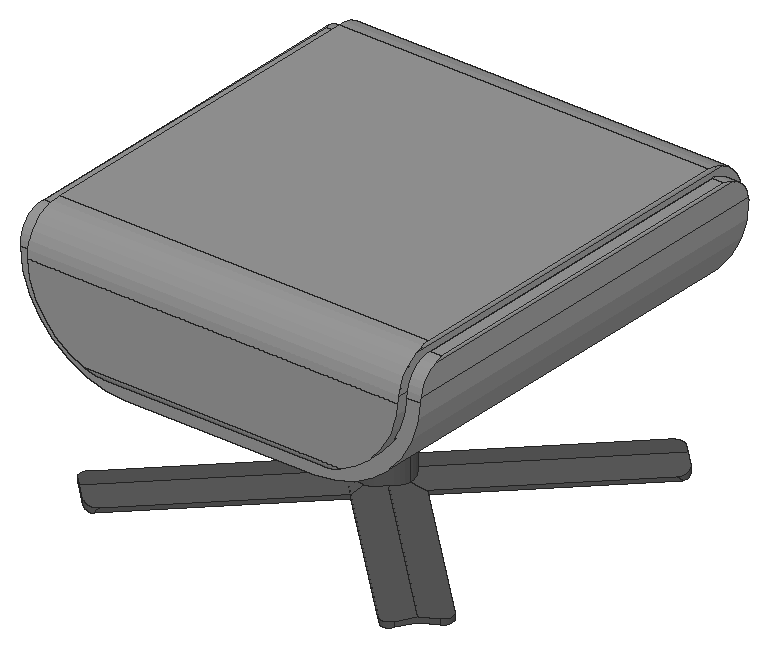
Revit family "Haworth_BuzziMe_Ottoman_EU_PRELIMINARY", category Furniture, Revit 2018
Family settings
  OmniClass Number = 23.40.20.00
  OmniClass Title = General Furniture and Specialties
  Work Plane-Based = No
  Always vertical = Yes
  Cut with Voids When Loaded = No
  Shared = No
  Room Calculation Point = No
Parameters (values of type "Ottoman")
  Warranty = "http://www.haworth.com/resources/product-info/warranties"
  URL - Product = "https://www.haworth.com/eu/en/products/sofas-armchairs/buzzime.html"
  URL = "https://www.haworth.com/eu/en.html"
  Size = "Verify Final Dim. w/ Haworth"  # constant formula
  Revision = "1"  # constant formula
  Outer Upholstery Finish [instance] = Haworth _ Fabric _ Undecided _ Seating _ Lounge
  Model = "BuzziMe"  # constant formula
  Manufacturer = "Haworth"  # constant formula
  Inner Upholstery Finish [instance] = Haworth _ Fabric _ Undecided _ Seating _ Lounge
  Description = "Haworth - BuzziMe - Ottoman"  # constant formula
  Base Finish [instance] = Haworth _ Paint _ Umbra Grey
  Author = "Haworth (Alias, Abd Rahman)"  # constant formula
  Assembly Code = "E2020200"
  Actual Width = 71.497 cm  # constant formula
  Actual Height = 44.4996 cm  # constant formula
  Actual Depth = 66.9925 cm  # constant formula
Reference planes (cm)
  plane 1: z = 0
  plane 2 "Center Left/Right": x = 0
  plane 3 "Left": x = -35.7485
  plane 4 "Right": x = 35.7485
  plane 5 "Base Angle": through (1219.2, -26.8811, 22.0291) normal (0, 0.0523, 0.9986)
  plane 6 "Bottom Seat": z = 22.0914
  plane 7: z = 44.4996
  plane 8 "Back": y = 26.289
  plane 9 "Front": y = -40.7035
  plane 10 "Center FB": y = -7.2073
Forms (cm)
  Extrusion 1, solid, material "Haworth _ Paint _ Umbra Grey" <- "Base Finish"
    sketch origin (-31.8361, -31.8361, 0) x (-0.707107, 0.707107, 0) y (0, 0, 1)
      loop
        line (-5.1231, 1.6974) -> (-0.2035, 0.9) -> (-0.0755, 1.6897) -> (-5.1231, 2.5078) -> (-10.1707, 1.6897) -> (-10.0427, 0.9) -> (-5.1231, 1.6974)
    from 0 to 79.8
  Extrusion 2, solid, material "Haworth _ Paint _ Umbra Grey" <- "Base Finish"
    sketch origin (31.8361, -31.8361, 0) x (0.707107, 0.707107, 0) y (0, 0, -1)
      loop
        line (-5.1231, -1.6974) -> (-10.0427, -0.9) -> (-10.1707, -1.6897) -> (-5.1231, -2.5078) -> (-0.0755, -1.6897) -> (-0.2035, -0.9) -> (-5.1231, -1.6974)
    from 0 to 79.8
  Extrusion 3, solid, material "Haworth _ Paint _ Umbra Grey" <- "Base Finish"
    sketch origin (0, 0, 0) x (1, 0, 0) y (0, 1, 0)
      loop
        circle (0, -7.2451) r 4.4
    from 1.6974 to 21.2682
  Sweep 4, solid, material "Haworth _ Fabric _ Undecided _ Seating _ Lounge" <- "Outer Upholstery Finish"
    path origin (0, 0, 0) x (0, 1, 0) y (0, 0, 1)
      loop
        line (-43.055, 22.0914) -> (28.581, 22.0914)
    profile origin (0, -7.237, 22.0914) x (0, 0, 1) y (1, 0, 0)
      loop
        line (0.0036, 15.7722) -> (0.0036, -15.7722)
        arc (0.0036, -15.7722) -> (5.1967, -28.3095) -> (17.734, -33.5026) r 17.7304
        line (17.734, -33.5026) -> (21.4929, -33.5026)
        arc (21.4929, -33.5026) -> (21.7104, -33.4125) -> (21.8004, -33.195) r 0.3076
        line (21.8004, -33.195) -> (21.8004, -31.3175)
        arc (21.8004, -31.3175) -> (21.711, -31.1016) -> (21.4952, -31.0122) r 0.3053
        line (21.4952, -31.0122) -> (17.734, -31.0122)
        arc (17.734, -31.0122) -> (6.9577, -26.5485) -> (2.494, -15.7722) r 15.24
        line (2.494, -15.7722) -> (2.494, 15.7722)
        arc (2.494, 15.7722) -> (6.9577, 26.5485) -> (17.734, 31.0122) r 15.24
        line (17.734, 31.0122) -> (21.4952, 31.0122)
        arc (21.4952, 31.0122) -> (21.711, 31.1016) -> (21.8004, 31.3175) r 0.3053
        line (21.8004, 31.3175) -> (21.8004, 33.195)
        arc (21.8004, 33.195) -> (21.7104, 33.4125) -> (21.4929, 33.5026) r 0.3076
        line (21.4929, 33.5026) -> (17.734, 33.5026)
        arc (17.734, 33.5026) -> (5.1967, 28.3095) -> (0.0036, 15.7722) r 17.7304
  Extrusion 5, void
    sketch origin (0, 0, 0) x (0, 1, 0) y (0, 0, 1)
      loop
        line (-41.3956, 21.4104) -> (-41.3956, 38.9732)
        arc (-41.3956, 38.9732) -> (-39.9542, 42.453) -> (-36.4744, 43.8944) r 4.9212
        line (-36.4744, 43.8944) -> (22.0399, 43.8944)
        arc (22.0399, 43.8944) -> (25.5198, 42.453) -> (26.9612, 38.9732) r 4.9212
        line (26.9612, 38.9732) -> (26.9612, 20.825) -> (30.1362, 20.825) -> (30.1362, 50.8794) -> (-44.5706, 50.8794) -> (-44.5706, 21.4104) -> (-41.3956, 21.4104)
    from -45.72 to 45.72
  Sweep 6, solid, material "Haworth _ Fabric _ Undecided _ Seating _ Lounge" <- "Inner Upholstery Finish"
    path origin (0, 0, 0) x (0, 1, 0) y (0, 0, 1)
      loop
        line (-43.055, 24.4914) -> (29.335, 24.4914)
    profile origin (0, -6.86, 24.4914) x (0, 0, 1) y (1, 0, 0)
      loop
        line (20.1429, 31.0122) -> (15.334, 31.0122)
        arc (15.334, 31.0122) -> (4.5577, 26.5485) -> (0.094, 15.7722) r 15.24
        line (0.094, 15.7722) -> (0.094, -15.7722)
        arc (0.094, -15.7722) -> (4.5577, -26.5485) -> (15.334, -31.0122) r 15.24
        line (15.334, -31.0122) -> (20.1467, -31.0122)
        arc (20.1467, -31.0122) -> (20.7501, -30.7623) -> (21, -30.1589) r 0.8533
        line (21, -30.1589) -> (21, 30.1551)
        arc (21, 30.1551) -> (20.749, 30.7612) -> (20.1429, 31.0122) r 0.8571
  Extrusion 7, void
    sketch origin (0, 0, 0) x (0, 1, 0) y (0, 0, 1)
      loop
        line (-43.055, 25.6834) -> (-43.055, 38.665)
        arc (-43.055, 38.665) -> (-41.1312, 43.3095) -> (-36.4867, 45.2333) r 6.5683
        line (-36.4867, 45.2333) -> (22.0523, 45.2333)
        arc (22.0523, 45.2333) -> (26.6968, 43.3095) -> (28.6206, 38.665) r 6.5683
        line (28.6206, 38.665) -> (28.6206, 25.6834)
        arc (28.6206, 25.6834) -> (28.2715, 24.8405) -> (27.4286, 24.4914) r 1.192
        line (27.4286, 24.4914) -> (26.9612, 24.4914) -> (26.9612, 22.095) -> (32.0412, 22.095) -> (32.0412, 50.035) -> (-46.4756, 50.035) -> (-46.4756, 22.095) -> (-41.3956, 22.095) -> (-41.3956, 24.4914) -> (-41.863, 24.4914)
        arc (-41.863, 24.4914) -> (-42.7059, 24.8405) -> (-43.055, 25.6834) r 1.192
    from -46.4409 to 43.6531
  Extrusion 8, void
    sketch origin (0, 0, 0) x (1, 0, 0) y (0, 1, 0)
      loop
        line (-30.3685, -30.4753) -> (-30.6201, -30.2237) -> (-32.3081, -31.9118) -> (-24.6667, -39.5533) -> (-22.9786, -37.8652) -> (-23.2302, -37.6136)
        arc (-23.2302, -37.6136) -> (-24.6444, -38.1958) -> (-26.0586, -37.6136) r 2.0089
        line (-26.0586, -37.6136) -> (-30.3685, -33.3037)
        arc (-30.3685, -33.3037) -> (-30.9507, -31.8895) -> (-30.3685, -30.4753) r 2.0089
    from 0 to 4.1542
  Extrusion 9, void
    sketch origin (0, -14.4902, 0) x (1, 0, 0) y (0, 1, 0)
      loop
        arc (-30.3685, 30.4753) -> (-30.9507, 31.8895) -> (-30.3685, 33.3037) r 2.0089
        line (-30.3685, 33.3037) -> (-26.0586, 37.6136)
        arc (-26.0586, 37.6136) -> (-24.6444, 38.1958) -> (-23.2302, 37.6136) r 2.0089
        line (-23.2302, 37.6136) -> (-22.9786, 37.8652) -> (-24.6667, 39.5533) -> (-32.3081, 31.9118) -> (-30.6201, 30.2237) -> (-30.3685, 30.4753)
    from 0 to 4.1542
  Extrusion 10, void
    sketch origin (0, 0, 0) x (-1, 0, 0) y (0, -1, 0)
      loop
        arc (-30.3685, 30.4753) -> (-30.9507, 31.8895) -> (-30.3685, 33.3037) r 2.0089
        line (-30.3685, 33.3037) -> (-26.0586, 37.6136)
        arc (-26.0586, 37.6136) -> (-24.6444, 38.1958) -> (-23.2302, 37.6136) r 2.0089
        line (-23.2302, 37.6136) -> (-22.9786, 37.8652) -> (-24.6667, 39.5533) -> (-32.3081, 31.9118) -> (-30.6201, 30.2237) -> (-30.3685, 30.4753)
    from 0 to 4.1542
  Extrusion 11, void
    sketch origin (0, -14.4902, 0) x (-1, 0, 0) y (0, -1, 0)
      loop
        line (-30.3685, -30.4753) -> (-30.6201, -30.2237) -> (-32.3081, -31.9118) -> (-24.6667, -39.5533) -> (-22.9786, -37.8652) -> (-23.2302, -37.6136)
        arc (-23.2302, -37.6136) -> (-24.6444, -38.1958) -> (-26.0586, -37.6136) r 2.0089
        line (-26.0586, -37.6136) -> (-30.3685, -33.3037)
        arc (-30.3685, -33.3037) -> (-30.9507, -31.8895) -> (-30.3685, -30.4753) r 2.0089
    from 0 to 4.1542
  Extrusion 12, solid, material "Haworth _ Paint _ Umbra Grey" <- "Base Finish"
    sketch origin (0, 0, 22.0914) x (0, -1, 0) y (1, 0, 0)
      loop
        line (-12.8313, 16.4083) -> (-12.8313, -16.4125)
        arc (-12.8313, -16.4125) -> (-12.2455, -17.8268) -> (-10.8313, -18.4125) r 2
        line (-10.8313, -18.4125) -> (-8.7344, -18.4125)
        arc (-8.7344, -18.4125) -> (-6.5086, -17.8532) -> (-4.8117, -16.3082) r 4.7082
        arc (-4.8117, -16.3082) -> (7.0811, -9.897) -> (19.0255, -16.2115) r 14.3443
        arc (19.0255, -16.2115) -> (20.8229, -17.8281) -> (23.1687, -18.4125) r 5
        line (23.1687, -18.4125) -> (25.1941, -18.4125)
        arc (25.1941, -18.4125) -> (26.5805, -17.8693) -> (27.2288, -16.5288) r 2.0408
        arc (27.2288, -16.5288) -> (27.274, -15.4614) -> (27.2451, -14.3934) r 15.3994
        arc (27.2451, -14.3934) -> (26.5933, -12.0851) -> (25.0441, -10.2538) r 5.6612
        line (25.0441, -10.2538) -> (23.6597, -9.1901)
        arc (23.6597, -9.1901) -> (20.4479, -5.5427) -> (18.8516, -0.9524) r 12.6271
        arc (18.8516, -0.9524) -> (18.7844, 0) -> (18.8516, 0.9524) r 6.7758
        arc (18.8516, 0.9524) -> (20.4479, 5.5427) -> (23.6597, 9.1901) r 12.6271
        line (23.6597, 9.1901) -> (25.0441, 10.2538)
        arc (25.0441, 10.2538) -> (26.5933, 12.0851) -> (27.2451, 14.3934) r 5.6612
        arc (27.2451, 14.3934) -> (27.274, 15.4614) -> (27.2288, 16.5288) r 15.3994
        arc (27.2288, 16.5288) -> (26.5805, 17.8693) -> (25.1941, 18.4125) r 2.0408
        line (25.1941, 18.4125) -> (23.1687, 18.4125)
        arc (23.1687, 18.4125) -> (20.8229, 17.8281) -> (19.0255, 16.2115) r 5
        arc (19.0255, 16.2115) -> (7.0811, 9.897) -> (-4.8117, 16.3082) r 14.3443
        arc (-4.8117, 16.3082) -> (-6.5086, 17.8532) -> (-8.7344, 18.4125) r 4.7082
        line (-8.7344, 18.4125) -> (-10.8271, 18.4125)
        arc (-10.8271, 18.4125) -> (-12.2443, 17.8255) -> (-12.8313, 16.4083) r 2.0042
    from -0.8232 to 0.0762
Cuts and joins
  Extrusion 5, Extrusion 8 cuts Sweep 4
  Extrusion 7, Extrusion 8 cuts Sweep 6
  Extrusion 8, Extrusion 9, Extrusion 10, Extrusion 11 cuts Extrusion 1
  Extrusion 9, Extrusion 10, Extrusion 11 cuts Extrusion 2
Lines and regions (cm)
  Masking region 1
    outline origin (0, 0, 0) x (1, 0, 0) y (0, 1, 0)
      loop
        arc (-33.5026, -40.933) -> (-33.3835, -41.2207) -> (-33.0958, -41.3398) r 0.4068
        line (-33.0958, -41.3398) -> (-31.1026, -41.3398) -> (-31.1026, -41.8906)
        arc (-31.1026, -41.8906) -> (-30.7779, -42.6745) -> (-29.994, -42.9992) r 1.1086
        line (-29.994, -42.9992) -> (29.9914, -42.9992)
        arc (29.9914, -42.9992) -> (30.7771, -42.6737) -> (31.1026, -41.888) r 1.1113
        line (31.1026, -41.888) -> (31.1026, -41.3398) -> (33.0958, -41.3398)
        arc (33.0958, -41.3398) -> (33.3835, -41.2207) -> (33.5026, -40.933) r 0.4068
        line (33.5026, -40.933) -> (33.5026, 26.4937)
        arc (33.5026, 26.4937) -> (33.382, 26.7848) -> (33.0909, 26.9054) r 0.4117
        line (33.0909, 26.9054) -> (31.1026, 26.9054) -> (31.1026, 27.4535)
        arc (31.1026, 27.4535) -> (30.7771, 28.2393) -> (29.9914, 28.5648) r 1.1113
        line (29.9914, 28.5648) -> (-29.994, 28.5648)
        arc (-29.994, 28.5648) -> (-30.7779, 28.2401) -> (-31.1026, 27.4562) r 1.1086
        line (-31.1026, 27.4562) -> (-31.1026, 26.9054) -> (-33.0909, 26.9054)
        arc (-33.0909, 26.9054) -> (-33.382, 26.7848) -> (-33.5026, 26.4937) r 0.4117
        line (-33.5026, 26.4937) -> (-33.5026, -40.933)
  symbolic lines, style "FurnitureHiddenLines"
    curve 1: line (0, -14.3835, 0) -> (23.2302, -37.6136, 0)
    curve 2: arc (23.2302, -37.6136, 0) -> (24.6444, -38.1994, 0) -> (26.0586, -37.6136, 0) r 2
    curve 3: line (26.0586, -37.6136, 0) -> (30.3685, -33.3037, 0)
    curve 4: arc (30.3685, -33.3037, 0) -> (30.9543, -31.8895, 0) -> (30.3685, -30.4753, 0) r 2
    curve 5: line (30.3685, -30.4753, 0) -> (7.1384, -7.2451, 0)
    curve 6: line (7.1384, -7.2451, 0) -> (30.3684, 15.9849, 0)
    curve 7: arc (30.3684, 15.9849, 0) -> (30.9542, 17.3993, 0) -> (30.3684, 18.8136, 0) r 2.0002
    curve 8: line (30.3684, 18.8136, 0) -> (26.0588, 23.1232, 0)
    curve 9: arc (26.0588, 23.1232, 0) -> (24.6445, 23.709, 0) -> (23.2303, 23.1232, 0) r 2
    curve 10: line (23.2303, 23.1232, 0) -> (0.0002, -0.1069, 0)
    curve 11: line (0.0002, -0.1069, 0) -> (-23.2302, 23.1234, 0)
    curve 12: arc (-23.2302, 23.1234, 0) -> (-24.6446, 23.7093, 0) -> (-26.059, 23.1234, 0) r 2.0002
    curve 13: line (-26.059, 23.1234, 0) -> (-30.3684, 18.8136, 0)
    curve 14: arc (-30.3684, 18.8136, 0) -> (-30.9542, 17.3992, 0) -> (-30.3683, 15.9848, 0) r 2.0003
    curve 15: line (-30.3683, 15.9848, 0) -> (-7.1384, -7.2451, 0)
    curve 16: line (-7.1384, -7.2451, 0) -> (-30.3685, -30.4753, 0)
    curve 17: arc (-30.3685, -30.4753, 0) -> (-30.9539, -31.8892, 0) -> (-30.3675, -33.3027, 0) r 1.9986
    curve 18: line (-30.3675, -33.3027, 0) -> (-26.0586, -37.6136, 0)
    curve 19: arc (-26.0586, -37.6136, 0) -> (-24.6444, -38.1996, 0) -> (-23.2302, -37.6136, 0) r 1.9995
    curve 20: line (-23.2302, -37.6136, 0) -> (0, -14.3835, 0)
Dimensions and locks (cm)
  equal spacing: plane 3 "Left", plane 2 "Center Left/Right", plane 4 "Right"
  "Actual Width": plane 3 "Left" to plane 4 "Right"
  "Actual Height": plane 7 to plane 1
  "Actual Depth": plane 9 "Front" to plane 8 "Back"
  equal spacing: plane 8 "Back", plane 10 "Center FB", plane 9 "Front"
Automatic sketch dimensions
  level to Extrusion 1 sketch curve = 1.6897 cm  (x2)
  level to Extrusion 1 sketch curve = 0.9 cm  (x2)
  Extrusion 1 sketch curve to Extrusion 1 sketch curve = 0.128 cm  (x2)
  level to Extrusion 1 sketch curve = 1.6974 cm
  Extrusion 1 sketch curve to Extrusion 1 sketch curve = 4.9196 cm  (x2)
  level to Extrusion 1 sketch curve = 2.5078 cm
  Extrusion 1 sketch curve to Extrusion 1 sketch curve = 0 cm
  level to Extrusion 2 sketch curve = 1.6897 cm  (x2)
  level to Extrusion 2 sketch curve = 0.9 cm  (x2)
  Extrusion 2 sketch curve to Extrusion 2 sketch curve = 0.128 cm  (x2)
  level to Extrusion 2 sketch curve = 1.6974 cm
  Extrusion 2 sketch curve to Extrusion 2 sketch curve = 4.9196 cm  (x2)
  level to Extrusion 2 sketch curve = 2.5078 cm
  Extrusion 2 sketch curve to Extrusion 2 sketch curve = 0 cm
  Extrusion 3 sketch curve to plane 2 "Center Left/Right" = 0 cm
  plane 3 "Left" to Extrusion 8 sketch curve = 3.4404 cm
  Extrusion 8 sketch curve to Extrusion 8 sketch curve = 1.6881 cm
  Extrusion 8 sketch curve to Extrusion 8 sketch curve = 1.9396 cm
  Extrusion 8 sketch curve to Extrusion 8 sketch curve = 0.2515 cm  (x3)
  Extrusion 8 sketch curve to Extrusion 8 sketch curve = 1.4267 cm  (x2)
  Extrusion 8 sketch curve to Extrusion 8 sketch curve = 1.3919 cm  (x2)
  Extrusion 8 sketch curve to Extrusion 8 sketch curve = 1.4142 cm  (x2)
  Extrusion 9 sketch curve to plane 3 "Left" = 3.4404 cm
  Extrusion 9 sketch curve to Extrusion 9 sketch curve = 1.6881 cm  (x2)
  Extrusion 9 sketch curve to Extrusion 9 sketch curve = 1.9396 cm
  Extrusion 9 sketch curve to Extrusion 9 sketch curve = 0.2515 cm  (x2)
  Extrusion 9 sketch curve to Extrusion 9 sketch curve = 1.4267 cm  (x2)
  Extrusion 9 sketch curve to Extrusion 9 sketch curve = 4.3099 cm
  Extrusion 9 sketch curve to Extrusion 9 sketch curve = 1.3919 cm  (x2)
  Extrusion 9 sketch curve to Extrusion 9 sketch curve = 1.4142 cm  (x2)
  Extrusion 10 sketch curve to plane 4 "Right" = 3.4404 cm
  Extrusion 10 sketch curve to Extrusion 10 sketch curve = 1.6881 cm  (x2)
  Extrusion 10 sketch curve to Extrusion 10 sketch curve = 1.9396 cm
  Extrusion 10 sketch curve to Extrusion 10 sketch curve = 0.2515 cm  (x2)
  Extrusion 10 sketch curve to Extrusion 10 sketch curve = 1.4267 cm  (x2)
  Extrusion 10 sketch curve to Extrusion 10 sketch curve = 4.3099 cm
  Extrusion 10 sketch curve to Extrusion 10 sketch curve = 1.3919 cm  (x2)
  Extrusion 10 sketch curve to Extrusion 10 sketch curve = 1.4142 cm  (x2)
  plane 4 "Right" to Extrusion 11 sketch curve = 3.4404 cm
  Extrusion 11 sketch curve to Extrusion 11 sketch curve = 1.6881 cm  (x2)
  Extrusion 11 sketch curve to Extrusion 11 sketch curve = 1.9396 cm
  Extrusion 11 sketch curve to Extrusion 11 sketch curve = 0.2515 cm  (x2)
  Extrusion 11 sketch curve to Extrusion 11 sketch curve = 1.4267 cm  (x2)
  Extrusion 11 sketch curve to Extrusion 11 sketch curve = 4.3099 cm
  Extrusion 11 sketch curve to Extrusion 11 sketch curve = 1.3919 cm  (x2)
  Extrusion 11 sketch curve to Extrusion 11 sketch curve = 1.4142 cm  (x2)
  Extrusion 8 sketch curve to Extrusion 8 sketch curve = 4.3099 cm
  plane 3 "Left" to curve 16 = 5.38 cm
  plane 3 "Left" to curve 13 = 5.3802 cm
  curve 14 to curve 15 = 0.0001 cm
  curve 16 to curve 18 = 0.001 cm
  curve 16 to curve 17 = 1.4132 cm
  curve 15 to curve 14 = 1.4144 cm  (x2)
  curve 13 to curve 13 = 4.3094 cm
  curve 18 to curve 18 = 4.309 cm
  curve 13 to curve 12 = 1.4144 cm
  curve 19 to curve 19 = 1.4142 cm
  curve 12 to curve 11 = 1.4144 cm
  curve 19 to curve 20 = 1.4142 cm
  curve 16 to plane 2 "Center Left/Right" = 7.1384 cm
  curve 1 to plane 2 "Center Left/Right" = 0 cm
  plane 2 "Center Left/Right" to curve 10 = 0.0002 cm
  plane 2 "Center Left/Right" to curve 5 = 7.1384 cm
  plane 4 "Right" to curve 1 = 12.5184 cm
  plane 4 "Right" to curve 10 = 12.5182 cm
  curve 2 to curve 2 = 1.4142 cm
  curve 10 to curve 9 = 1.4142 cm
  curve 2 to curve 3 = 1.4142 cm
  curve 9 to curve 8 = 1.4142 cm
  curve 9 to curve 7 = 4.3094 cm
  curve 2 to curve 4 = 4.3099 cm
  curve 7 to curve 8 = 1.4144 cm
  curve 7 to curve 6 = 1.4144 cm
  curve 4 to curve 5 = 1.4142 cm
  curve 4 to curve 3 = 1.4142 cm
  curve 19 to curve 19 = 1.4136 cm
  curve 3 to curve 2 = 1.4142 cm
  curve 3 to curve 3 = 4.3099 cm
  curve 19 to curve 18 = 4.3109 cm
  curve 3 to curve 4 = 1.4142 cm
  curve 18 to curve 17 = 1.4142 cm
  curve 6 to curve 7 = 1.4144 cm
  curve 7 to curve 9 = 4.3098 cm
  curve 14 to curve 12 = 4.3098 cm
  curve 9 to curve 10 = 1.4142 cm
  curve 20 to curve 5 = 7.1384 cm
  Sweep 4 sketch curve to plane 6 "Bottom Seat" = 0 cm
  Sweep 4 sketch curve to Sweep 4 sketch curve = 0 cm  (x4)
  Sweep 4 sketch curve to profile plane = 0.0036 cm
  Sweep 4 sketch curve to Sweep 4 sketch curve = 15.24 cm  (x2)
  Sweep 4 sketch curve to Sweep 4 sketch curve = 3.7589 cm  (x2)
  Sweep 4 sketch curve to Sweep 4 sketch curve = 0.0023 cm  (x2)
  Sweep 4 sketch curve to Sweep 4 sketch curve = 0.3076 cm
  Sweep 4 sketch curve to Sweep 4 sketch curve = 0.3053 cm
  Sweep 4 sketch curve to plane 2 "Center Left/Right" = 33.5026 cm
  plane 2 "Center Left/Right" to Sweep 4 sketch curve = 15.7722 cm
  Sweep 4 sketch curve to Sweep 4 sketch curve = 1.8775 cm
  Extrusion 12 sketch curve to plane 2 "Center Left/Right" = 0 cm
  Extrusion 12 sketch curve to Extrusion 12 sketch curve = 2 cm
  Extrusion 12 sketch curve to Extrusion 12 sketch curve = 2.0042 cm
  Extrusion 12 sketch curve to Extrusion 12 sketch curve = 2.0927 cm
  Extrusion 12 sketch curve to Extrusion 12 sketch curve = 2.0969 cm
  Extrusion 12 sketch curve to Extrusion 12 sketch curve = 9.7197 cm
  Extrusion 12 sketch curve to Extrusion 12 sketch curve = 1.574 cm  (x2)
  Extrusion 12 sketch curve to Extrusion 12 sketch curve = 0.491 cm  (x2)
  Extrusion 12 sketch curve to Extrusion 12 sketch curve = 1.3843 cm  (x2)
  Extrusion 12 sketch curve to Extrusion 12 sketch curve = 2.0253 cm  (x2)
  Extrusion 12 sketch curve to Extrusion 12 sketch curve = 1.9004 cm
  plane 2 "Center Left/Right" to Extrusion 12 sketch curve = 0.8224 cm
  Extrusion 12 sketch curve to Extrusion 12 sketch curve = 5.7932 cm
  Extrusion 12 sketch curve to Extrusion 12 sketch curve = 0 cm  (x7)
  Extrusion 12 sketch curve to plane 2 "Center Left/Right" = 0.8224 cm
  Extrusion 12 sketch curve to Extrusion 12 sketch curve = 1.0637 cm  (x2)
  Extrusion 12 sketch curve to Extrusion 12 sketch curve = 3.1587 cm  (x2)
  Extrusion 12 sketch curve to plane 2 "Center Left/Right" = 13.7044 cm
  Extrusion 12 sketch curve to Extrusion 12 sketch curve = 1.3303 cm  (x2)
  Extrusion 12 sketch curve to Extrusion 12 sketch curve = 0.601 cm  (x2)
  Extrusion 12 sketch curve to Extrusion 12 sketch curve = 1.9783 cm  (x2)
  Extrusion 12 sketch curve to Extrusion 12 sketch curve = 2.7082 cm
  Extrusion 12 sketch curve to Extrusion 12 sketch curve = 2.0408 cm  (x2)
  Extrusion 12 sketch curve to Extrusion 12 sketch curve = 8.8974 cm  (x2)
  plane 2 "Center Left/Right" to Extrusion 12 sketch curve = 9.1901 cm
  plane 2 "Center Left/Right" to Extrusion 12 sketch curve = 13.7044 cm
  Extrusion 12 sketch curve to Extrusion 12 sketch curve = 2.704 cm
  plane 2 "Center Left/Right" to Extrusion 12 sketch curve = 0.9524 cm
  Sweep 6 sketch curve to profile plane = 0.094 cm
  Sweep 6 sketch curve to Sweep 6 sketch curve = 15.24 cm  (x2)
  Sweep 6 sketch curve to Sweep 6 sketch curve = 4.8127 cm
  Sweep 6 sketch curve to Sweep 6 sketch curve = 4.8089 cm
  Sweep 6 sketch curve to Sweep 6 sketch curve = 0.8571 cm
  Sweep 6 sketch curve to plane 2 "Center Left/Right" = 31.0122 cm
  plane 2 "Center Left/Right" to Sweep 6 sketch curve = 15.7722 cm
  Extrusion 5 sketch curve to plane 6 "Bottom Seat" = 1.2664 cm
  Extrusion 5 sketch curve to plane 6 "Bottom Seat" = 0.681 cm
  plane 6 "Bottom Seat" to Extrusion 5 sketch curve = 16.8818 cm
  Extrusion 5 sketch curve to Extrusion 5 sketch curve = 6.985 cm
  Extrusion 7 sketch curve to Extrusion 7 sketch curve = 0.4674 cm
  plane 6 "Bottom Seat" to Extrusion 7 sketch curve = 0.0036 cm  (x2)
  plane 6 "Bottom Seat" to Extrusion 7 sketch curve = 2.4 cm
  Extrusion 7 sketch curve to Extrusion 7 sketch curve = 2.3964 cm
  Extrusion 7 sketch curve to Extrusion 7 sketch curve = 12.9816 cm
  Extrusion 7 sketch curve to Extrusion 7 sketch curve = 4.8017 cm
  plane 6 "Bottom Seat" to Sweep 6 sketch curve = 2.4 cm
  plane 3 "Left" to Masking region 1 sketch curve = 2.2459 cm
  Masking region 1 sketch curve to Masking region 1 sketch curve = 0.4068 cm
  Masking region 1 sketch curve to Masking region 1 sketch curve = 0.4117 cm  (x2)
  Masking region 1 sketch curve to Masking region 1 sketch curve = 1.9932 cm  (x2)
  Masking region 1 sketch curve to Masking region 1 sketch curve = 1.9883 cm  (x2)
  Masking region 1 sketch curve to Masking region 1 sketch curve = 1.1086 cm  (x2)
  plane 4 "Right" to Masking region 1 sketch curve = 5.7572 cm  (x2)
  curve 1 to curve 16 = 7.1384 cm
  curve 5 to curve 10 = 7.1382 cm
  Extrusion 12 sketch curve to Extrusion 12 sketch curve = 15.8736 cm  (x2)
  Extrusion 12 sketch curve to Extrusion 12 sketch curve = 4.7358 cm
  Extrusion 12 sketch curve to Extrusion 12 sketch curve = 7.1505 cm
  plane 7 to Extrusion 7 sketch curve = 0.7337 cm
  plane 8 "Back" to Sweep 4 sketch curve = 2.292 cm
  Extrusion 5 sketch curve to plane 8 "Back" = 4.249 cm
  plane 8 "Back" to Extrusion 5 sketch curve = 0.6722 cm
  Extrusion 5 sketch curve to Extrusion 5 sketch curve = 3.175 cm
  plane 8 "Back" to Sweep 6 sketch curve = 3.046 cm
  Extrusion 7 sketch curve to plane 8 "Back" = 4.2366 cm
  plane 8 "Back" to Extrusion 7 sketch curve = 0.6722 cm
  plane 8 "Back" to Extrusion 7 sketch curve = 1.1396 cm
  Extrusion 7 sketch curve to Extrusion 7 sketch curve = 1.192 cm
  Extrusion 7 sketch curve to Extrusion 7 sketch curve = 3.4206 cm
  plane 8 "Back" to Extrusion 9 sketch curve = 1.2259 cm
  Extrusion 11 sketch curve to plane 8 "Back" = 1.2259 cm
  Masking region 1 sketch curve to Masking region 1 sketch curve = 1.1113 cm
  plane 8 "Back" to Masking region 1 sketch curve = 0.2047 cm  (x2)
  plane 8 "Back" to Masking region 1 sketch curve = 1.1646 cm
  Extrusion 12 sketch curve to plane 8 "Back" = 13.4577 cm
  Masking region 1 sketch curve to Masking region 1 sketch curve = 1.1112 cm
  Masking region 1 sketch curve to Masking region 1 sketch curve = 0.5482 cm
  Extrusion 5 sketch curve to plane 7 = 0.6052 cm
  Extrusion 5 sketch curve to Extrusion 5 sketch curve = 8.0963 cm
  Extrusion 7 sketch curve to plane 7 = 5.8346 cm
  Extrusion 7 sketch curve to Extrusion 7 sketch curve = 9.9889 cm
  curve 18 to plane 9 "Front" = 3.0899 cm
  curve 1 to plane 9 "Front" = 3.0899 cm
  Extrusion 3 sketch curve to plane 9 "Front" = 33.4584 cm
  plane 9 "Front" to Sweep 4 sketch curve = 2.3515 cm
  Extrusion 5 sketch curve to plane 9 "Front" = 4.2292 cm
  plane 9 "Front" to Sweep 6 sketch curve = 2.3515 cm
  Extrusion 7 sketch curve to plane 9 "Front" = 4.2168 cm
  Extrusion 8 sketch curve to plane 9 "Front" = 1.1503 cm
  plane 9 "Front" to Extrusion 10 sketch curve = 1.1503 cm
  plane 9 "Front" to Masking region 1 sketch curve = 0.2295 cm  (x2)
  radius of Extrusion 3 sketch curve = 4.4 cm
